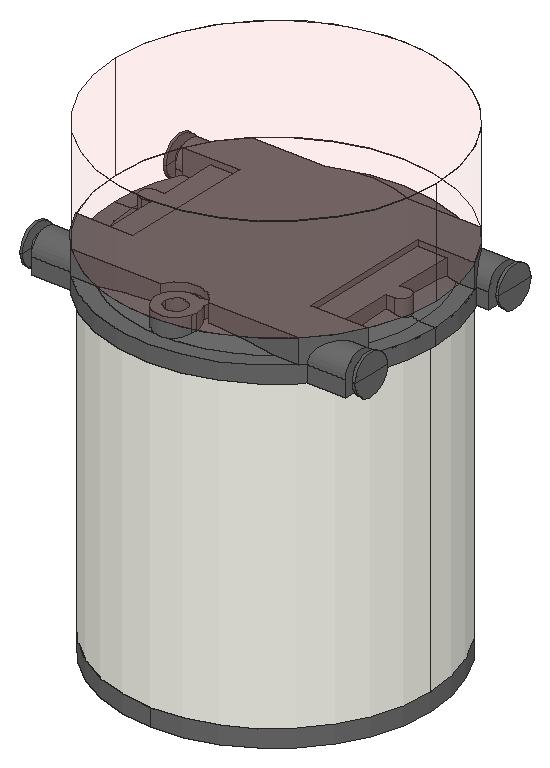
Revit family (continued)
Definition of nested family "Cooling_Plant_Accessories-Calmac-IceBank-Lid_C-75"
  Dimensions and locks (in)
    aligned and locked: Masking region 2 sketch curve to plane 42 "Connector Center(Elevation)"  (x2)
    aligned and locked: plane 12 "Back Inset" to Masking region 2 sketch curve
    aligned and locked: plane 41 "Top" to Masking region 2 sketch curve
    aligned and locked: Masking region 2 sketch curve to plane 2 "Bottom"
    aligned and locked: plane 18 "Piping Front" to Masking region 2 sketch curve
    aligned and locked: Masking region 2 sketch curve to plane 43 "Connector Channel Top"
    aligned and locked: plane 22 "Front Inset" to Masking region 2 sketch curve
    aligned and locked: plane 14 "Front" to Masking region 2 sketch curve
    aligned and locked: curve 125 to cut or joined group of Revolve 1, Extrusion 2, Extrusion 4
    aligned and locked: curve 126 to cut or joined group of Revolve 1, Extrusion 2, Extrusion 4
    aligned and locked: curve 127 to cut or joined group of Revolve 1, Extrusion 2, Extrusion 4
    aligned and locked: curve 128 to cut or joined group of Revolve 1, Extrusion 2, Extrusion 4
    aligned and locked: curve 129 to cut or joined group of Revolve 1, Extrusion 2, Extrusion 4
    aligned and locked: curve 130 to Extrusion 5
    aligned and locked: curve 131 to Extrusion 5
    aligned and locked: curve 132 to Extrusion 5
    aligned and locked: curve 133 to Extrusion 5
    aligned and locked: curve 134 to Extrusion 5
    aligned and locked: curve 135 to Extrusion 5
    aligned and locked: curve 136 to Extrusion 5
    aligned and locked: curve 137 to Extrusion 5
    aligned and locked: curve 138 to cut or joined group of Revolve 1, Extrusion 2, Extrusion 4
    aligned and locked: curve 139 to cut or joined group of Revolve 1, Extrusion 2, Extrusion 4
    aligned and locked: curve 140 to curve 138
    aligned and locked: curve 141 to curve 139
    aligned and locked: curve 142 to curve 128
    aligned and locked: curve 143 to curve 127
    aligned and locked: curve 144 to cut or joined group of Revolve 1, Extrusion 2, Extrusion 4
    aligned and locked: curve 145 to cut or joined group of Revolve 1, Extrusion 2, Extrusion 4
    aligned and locked: curve 146 to cut or joined group of Revolve 1, Extrusion 2, Extrusion 4
    aligned and locked: curve 147 to cut or joined group of Revolve 1, Extrusion 2, Extrusion 4
    aligned and locked: curve 148 to cut or joined group of Revolve 1, Extrusion 2, Extrusion 4
    aligned and locked: curve 149 to cut or joined group of Revolve 1, Extrusion 2, Extrusion 4
    aligned and locked: curve 150 to cut or joined group of Revolve 1, Extrusion 2, Extrusion 4
    aligned and locked: cut or joined group of Revolve 1, Extrusion 2, Extrusion 4 to curve 151
    aligned and locked: curve 152 to cut or joined group of Revolve 1, Extrusion 2, Extrusion 4
    aligned and locked: curve 153 to cut or joined group of Revolve 1, Extrusion 2, Extrusion 4
    aligned and locked: curve 154 to cut or joined group of Revolve 1, Extrusion 2, Extrusion 4
    aligned and locked: curve 155 to cut or joined group of Revolve 1, Extrusion 2, Extrusion 4
    aligned and locked: curve 156 to cut or joined group of Revolve 1, Extrusion 2, Extrusion 4
    aligned and locked: curve 157 to cut or joined group of Revolve 1, Extrusion 2, Extrusion 4
    aligned and locked: curve 158 to cut or joined group of Revolve 1, Extrusion 2, Extrusion 4
    aligned and locked: cut or joined group of Revolve 1, Extrusion 2, Extrusion 4 to curve 159
    aligned and locked: curve 160 to cut or joined group of Revolve 1, Extrusion 2, Extrusion 4
    aligned and locked: curve 161 to cut or joined group of Revolve 1, Extrusion 2, Extrusion 4
    aligned and locked: curve 162 to cut or joined group of Revolve 1, Extrusion 2, Extrusion 4
    aligned and locked: cut or joined group of Revolve 1, Extrusion 2, Extrusion 4 to curve 163
    aligned and locked: curve 164 to cut or joined group of Revolve 1, Extrusion 2, Extrusion 4
    aligned and locked: cut or joined group of Revolve 1, Extrusion 2, Extrusion 4 to curve 165
    aligned and locked: curve 166 to cut or joined group of Revolve 1, Extrusion 2, Extrusion 4
    aligned and locked: cut or joined group of Revolve 1, Extrusion 2, Extrusion 4 to curve 167
    aligned and locked: curve 168 to cut or joined group of Revolve 1, Extrusion 2, Extrusion 4
    aligned and locked: curve 169 to cut or joined group of Revolve 1, Extrusion 2, Extrusion 4
    aligned and locked: curve 170 to cut or joined group of Revolve 1, Extrusion 2, Extrusion 4
    aligned and locked: curve 171 to cut or joined group of Revolve 1, Extrusion 2, Extrusion 4
    aligned and locked: curve 172 to cut or joined group of Revolve 1, Extrusion 2, Extrusion 4
    aligned and locked: curve 173 to cut or joined group of Revolve 1, Extrusion 2, Extrusion 4
    aligned and locked: curve 174 to cut or joined group of Revolve 1, Extrusion 2, Extrusion 4
    aligned and locked: curve 175 to cut or joined group of Revolve 1, Extrusion 2, Extrusion 4
    aligned and locked: cut or joined group of Revolve 1, Extrusion 2, Extrusion 4 to curve 176
    aligned and locked: cut or joined group of Revolve 1, Extrusion 2, Extrusion 4 to curve 177
    aligned and locked: cut or joined group of Revolve 1, Extrusion 2, Extrusion 4 to curve 178
    aligned and locked: cut or joined group of Revolve 1, Extrusion 2, Extrusion 4 to curve 179
    aligned and locked: cut or joined group of Revolve 1, Extrusion 2, Extrusion 4 to curve 180
    aligned and locked: cut or joined group of Revolve 1, Extrusion 2, Extrusion 4 to curve 181
    aligned and locked: cut or joined group of Revolve 1, Extrusion 2, Extrusion 4 to curve 182
    aligned and locked: cut or joined group of Revolve 1, Extrusion 2, Extrusion 4 to curve 183
    aligned and locked: Masking region 3 sketch curve to curve 140  (x2)
    aligned and locked: Masking region 3 sketch curve to curve 141
    aligned and locked: nested 1 to plane 6 "Back Connector Center"
    aligned: nested 1 to plane 45 "Connection Sleeve Right"
    aligned and locked: plane 16 "Fron Connector Center" to nested 2
    aligned: nested 2 to plane 45 "Connection Sleeve Right"
    aligned: nested 3 to plane 44 "Connection Sleeve Left"
    aligned and locked: nested 3 to plane 16 "Fron Connector Center"
    aligned: nested 4 to plane 44 "Connection Sleeve Left"
    aligned and locked: plane 6 "Back Connector Center" to nested 4
    aligned: plane 42 "Connector Center(Elevation)" to nested 4
    aligned: plane 42 "Connector Center(Elevation)" to nested 3
    aligned: plane 42 "Connector Center(Elevation)" to nested 1
    aligned: plane 42 "Connector Center(Elevation)" to nested 2
    aligned and locked: plane 34 "Right" to curve 184
    aligned and locked: plane 26 "Left" to curve 184
    aligned and locked: plane 1 "Center (Front/Back)" to curve 184
    aligned and locked: curve 163 to plane 41 "Top"
    aligned and locked: plane 4 "Back" to curve 185
    aligned and locked: plane 14 "Front" to curve 185
    aligned and locked: plane 3 "Center (Left/Right)" to curve 185
    aligned and locked: plane 41 "Top" to curve 183
    aligned and locked: plane 41 "Top" to curve 186
    aligned and locked: curve 186 to plane 3 "Center (Left/Right)"
    aligned and locked: plane 2 "Bottom" to curve 186
    aligned and locked: plane 1 "Center (Front/Back)" to curve 186
    aligned and locked: Masking region 3 sketch curve to plane 5 "Back Connector Back"
    aligned and locked: plane 45 "Connection Sleeve Right" to Masking region 3 sketch curve
    aligned and locked: Masking region 3 sketch curve to plane 45 "Connection Sleeve Right"
    aligned and locked: Extrusion 3 to Masking region 3 sketch curve
    aligned and locked: Masking region 3 sketch curve to plane 15 "Front Connection Front"  (x2)
    aligned and locked: plane 44 "Connection Sleeve Left" to Masking region 3 sketch curve
    aligned and locked: Masking region 3 sketch curve to plane 44 "Connection Sleeve Left"
    aligned and locked: plane 5 "Back Connector Back" to Masking region 3 sketch curve
    aligned: plane 3 "Center (Left/Right)" to nested 5
    aligned and locked: plane 1 "Center (Front/Back)" to nested 5
    aligned: plane 58 "T.O. Clearance Box" to nested 5  (x2)
    aligned: plane 41 "Top" to nested 5
    aligned and locked: nested 2 to plane 59 "Right Connector Face"
    aligned and locked: nested 1 to plane 59 "Right Connector Face"
    aligned and locked: nested 3 to plane 60 "Left Connector Face"
    aligned and locked: nested 4 to plane 60 "Left Connector Face"
    aligned and locked: plane 62 "Sleeve Right" to Extrusion 3
    aligned and locked: plane 61 "Sleeve Left" to Extrusion 3
    aligned and locked: Masking region 3 sketch curve to plane 61 "Sleeve Left"
    aligned and locked: plane 7 "Back Connector Front" to Masking region 3 sketch curve
    aligned and locked: Masking region 3 sketch curve to plane 17 "Front Connector Back"  (x2)
    aligned and locked: plane 61 "Sleeve Left" to Masking region 3 sketch curve
    aligned and locked: plane 62 "Sleeve Right" to Masking region 3 sketch curve
    aligned and locked: Masking region 3 sketch curve to plane 62 "Sleeve Right"
    aligned and locked: Masking region 3 sketch curve to plane 7 "Back Connector Front"
    aligned and locked: plane 42 "Connector Center(Elevation)" to curve 103
    aligned and locked: plane 54 "Right Tunnel Ref" to curve 104
    aligned and locked: curve 105 to plane 55 "Left Tunnel Ref"
    aligned and locked: plane 45 "Connection Sleeve Right" to curve 114
    aligned and locked: plane 41 "Top" to curve 176
    aligned and locked: plane 42 "Connector Center(Elevation)" to curve 176
    aligned and locked: plane 42 "Connector Center(Elevation)" to curve 158
    aligned and locked: plane 41 "Top" to curve 182
    aligned and locked: plane 42 "Connector Center(Elevation)" to curve 177
    aligned and locked: plane 41 "Top" to curve 177
    aligned and locked: plane 41 "Top" to curve 178
    aligned and locked: plane 42 "Connector Center(Elevation)" to curve 178
    aligned and locked: plane 42 "Connector Center(Elevation)" to curve 144
    aligned and locked: plane 41 "Top" to curve 180
    aligned and locked: plane 41 "Top" to curve 179
    aligned and locked: plane 42 "Connector Center(Elevation)" to curve 179
    aligned and locked: plane 41 "Top" to curve 181
    aligned and locked: plane 42 "Connector Center(Elevation)" to curve 181
    aligned and locked: nested 5 to plane 41 "Top"
    aligned and locked: plane 58 "T.O. Clearance Box" to nested 5
    aligned and locked: plane 42 "Connector Center(Elevation)" to nested 1
    aligned and locked: plane 42 "Connector Center(Elevation)" to nested 2
    aligned and locked: plane 42 "Connector Center(Elevation)" to nested 4
    aligned and locked: plane 42 "Connector Center(Elevation)" to nested 3
  Automatic sketch dimensions
    Extrusion 4 sketch curve to plane 9 "Rigging Back" = 0' - 0"
    plane 40 "Top Right" to Extrusion 2 sketch curve = 0' - 4.0663"
    plane 3 "Center (Left/Right)" to Extrusion 2 sketch curve = 0' - 0.00163"
    plane 24 "Pad Eye Front Center" to Extrusion 2 sketch curve = 0' - 0.19621"
    plane 10 "Rigging Loop Back" to Extrusion 2 sketch curve = 0' - 1.54805"
    Extrusion 2 sketch curve to Extrusion 2 sketch curve = 0' - 0"  (x2)
    plane 36 "Right Rigging Loop Right" to Extrusion 2 sketch curve = 0' - 4.88399"
    plane 24 "Pad Eye Front Center" to Extrusion 5 sketch curve = 0' - 0.02333"
    plane 24 "Pad Eye Front Center" to Extrusion 5 sketch curve = 0' - 0.02277"
    Extrusion 5 sketch curve to Extrusion 5 sketch curve = 0' - 0.36824"
    Extrusion 5 sketch curve to Extrusion 5 sketch curve = 0' - 0.36835"
    Extrusion 5 sketch curve to Extrusion 5 sketch curve = 0' - 0"  (x2)
    Masking region 3 sketch curve to Masking region 3 sketch curve = 0' - 0"  (x2)
    Masking region 3 sketch curve to plane 44 "Connection Sleeve Left" = 0' - 0"
    Masking region 3 sketch curve to Masking region 3 sketch curve = 0' - 0.43383"
    curve 112 to plane 43 "Connector Channel Top" = 0' - 0"
    curve 120 to level = 0' - 0"
    curve 113 to level = 0' - 0"
    curve 117 to level = 0' - 0"
    curve 114 to level = 0' - 0"
    curve 104 to plane 41 "Top" = 0' - 0"
    curve 109 to plane 41 "Top" = 0' - 0"
    curve 108 to plane 41 "Top" = 0' - 0"
    curve 105 to plane 41 "Top" = 0' - 0"
    curve 109 to curve 112 = 0' - 0.56869"
    plane 3 "Center (Left/Right)" to curve 115 = 0' - 0"
    curve 112 to curve 108 = 0' - 0.57194"
    plane 36 "Right Rigging Loop Right" to curve 116 = 0' - 0.0067"
    plane 42 "Connector Center(Elevation)" to curve 116 = 0' - 0.04774"
    curve 111 to curve 108 = 0' - 0.56061"
    plane 41 "Top" to curve 115 = 0' - 8.77139"
    curve 50 to plane 47 "Bolt Inset Right" = 0' - 0"
    curve 49 to plane 3 "Center (Left/Right)" = 0' - 0"
    curve 125 to plane 8 "Piping Back" = 0' - 0"
    plane 19 "Rigging Front" to curve 129 = 0' - 0"
    plane 4 "Back" to curve 50 = 0' - 0"
    plane 49 "Bolt Inset Center" to curve 49 = 0' - 0"
    plane 34 "Right" to curve 68 = 0' - 0.05975"
    plane 34 "Right" to curve 71 = 0' - 0.05975"
    plane 33 "Right Connection" to curve 69 = 0' - 0.05346"
    plane 33 "Right Connection" to curve 67 = 0' - 0.05346"
    plane 52 "Right Side Chanel" to curve 71 = 0' - 0.58177"
    plane 52 "Right Side Chanel" to curve 66 = 0' - 0.58177"
    plane 52 "Right Side Chanel" to curve 66 = 0' - 0.71351"
    plane 52 "Right Side Chanel" to curve 70 = 0' - 0.71351"
    plane 52 "Right Side Chanel" to curve 74 = 0' - 0.72576"
    plane 52 "Right Side Chanel" to curve 99 = 0' - 0.72576"
    plane 52 "Right Side Chanel" to curve 69 = 0' - 0.84524"
    plane 52 "Right Side Chanel" to curve 67 = 0' - 0.84524"
    curve 72 to plane 57 "Right Tunnel Ref Center" = 0' - 0.39515"
    curve 62 to plane 57 "Right Tunnel Ref Center" = 0' - 0.35589"
    plane 35 "Lid Inset Right" to curve 99 = 0' - 0.20973"
    plane 35 "Lid Inset Right" to curve 74 = 0' - 0.20973"
    curve 99 to curve 60 = 0' - 0.00797"
    plane 35 "Lid Inset Right" to curve 60 = 0' - 0.4131"
    plane 35 "Lid Inset Right" to curve 73 = 0' - 0.58321"
    curve 60 to curve 61 = 0' - 0.19232"
    plane 35 "Lid Inset Right" to curve 73 = 0' - 0.95668"
    curve 61 to plane 51 "Top Right Inset" = 0' - 0.97408"
    plane 21 "Top Front Edge" to curve 97 = 0' - 0.02024"
    plane 46 "Right Center" to curve 97 = 0' - 0.08642"
    plane 46 "Right Center" to curve 65 = 0' - 0.10857"
    plane 8 "Piping Back" to curve 64 = 0' - 0.58462"
    plane 46 "Right Center" to curve 64 = 0' - 1.33334"
    plane 18 "Piping Front" to curve 97 = 0' - 0.54429"
    plane 46 "Right Center" to curve 97 = 0' - 1.33764"
    plane 46 "Right Center" to curve 63 = 0' - 1.63906"
    curve 98 to plane 24 "Pad Eye Front Center" = 0' - 0.7003"
    plane 46 "Right Center" to curve 98 = 0' - 1.64225"
    curve 96 to plane 23 "Pad Eye Hole" = 0' - 0.03387"
    curve 96 to curve 96 = 0' - 0.77791"
    curve 64 to curve 64 = 0' - 0.79088"
    plane 21 "Top Front Edge" to curve 98 = 0' - 0 5/16"
    curve 64 to plane 39 "Right Rigging Left" = 0' - 0.70964"
    curve 93 to plane 22 "Front Inset" = 0' - 1.49486"
    curve 93 to plane 40 "Top Right" = 0' - 3.68687"
    plane 49 "Bolt Inset Center" to curve 53 = 0' - 0.44475"
    curve 53 to plane 40 "Top Right" = 0' - 3.66499"
    plane 22 "Front Inset" to curve 93 = 0' - 0.38295"
    curve 93 to curve 93 = 0' - 0.66239"
    plane 12 "Back Inset" to curve 53 = 0' - 0.51617"
    curve 53 to curve 53 = 0' - 0.66892"
    plane 22 "Front Inset" to curve 94 = 0' - 0.0503"
    curve 93 to curve 94 = 0' - 0.94305"
    plane 12 "Back Inset" to curve 52 = 0' - 0.18178"
    curve 53 to curve 52 = 0' - 0.94262"
    curve 95 to plane 40 "Top Right" = 0' - 1 205/256"
    curve 51 to plane 49 "Bolt Inset Center" = 0' - 0.21117"
    curve 51 to plane 40 "Top Right" = 0' - 1.7752"
    curve 94 to plane 22 "Front Inset" = 0' - 0.28236"
    curve 51 to plane 12 "Back Inset" = 0' - 0.1526"
    curve 165 to curve 132 = 0' - 1.92013"
    curve 126 to plane 18 "Piping Front" = 0' - 0.51914"  (x2)
    curve 164 to curve 163 = 0' - 0.30497"
    curve 173 to curve 125 = 0' - 1.35639"
    curve 55 to plane 12 "Back Inset" = 0' - 0.20247"
    curve 55 to plane 32 "Top Left" = 0' - 1.1267"
    curve 88 to plane 22 "Front Inset" = 0' - 0.28236"
    curve 88 to plane 32 "Top Left" = 0' - 1.13838"
    curve 56 to plane 49 "Bolt Inset Center" = 0' - 0.27827"
    curve 56 to plane 32 "Top Left" = 0' - 1.78316"
    curve 89 to plane 32 "Top Left" = 0' - 1.81788"
    plane 12 "Back Inset" to curve 55 = 0' - 0.12568"
    curve 55 to curve 55 = 0' - 0.9448"
    plane 22 "Front Inset" to curve 88 = 0' - 0.0503"
    curve 88 to curve 88 = 0' - 0.94305"
    plane 12 "Back Inset" to curve 54 = 0' - 0.45384"
    plane 22 "Front Inset" to curve 87 = 0' - 0.38295"
    plane 49 "Bolt Inset Center" to curve 54 = 0' - 0.39092"
    curve 54 to curve 54 = 0' - 0.65198"
    curve 87 to plane 22 "Front Inset" = 0' - 1.54109"
    curve 89 to curve 87 = 0' - 1.8853"
    curve 59 to plane 31 "Left Rigging Right" = 0' - 0.73306"
    plane 21 "Top Front Edge" to curve 85 = 0' - 0 5/16"
    curve 85 to plane 31 "Left Rigging Right" = 0' - 0.73601"
    curve 85 to plane 23 "Pad Eye Hole" = 0' - 0.03387"
    curve 85 to curve 85 = 0' - 0.77791"
    curve 58 to curve 58 = 0' - 0.80477"  (x2)
    curve 59 to plane 31 "Left Rigging Right" = 0' - 1.92107"
    curve 86 to plane 24 "Pad Eye Front Center" = 0' - 0.7403"
    curve 86 to plane 31 "Left Rigging Right" = 0' - 2 5/256"
    plane 18 "Piping Front" to curve 85 = 0' - 0.54429"
    plane 8 "Piping Back" to curve 58 = 0' - 0.67433"
    curve 58 to curve 57 = 0' - 1.17992"
    curve 84 to plane 21 "Top Front Edge" = 0' - 0.0179"
    curve 86 to curve 84 = 0' - 1.55432"
    plane 27 "Left Lip Inset" to curve 76 = 0' - 0.96143"
    curve 101 to plane 19 "Rigging Front" = 0' - 0.45769"
    plane 27 "Left Lip Inset" to curve 101 = 0' - 0.96143"
    curve 100 to curve 161 = 0' - 0.21853"
    plane 27 "Left Lip Inset" to curve 101 = 0' - 0.58796"
    plane 27 "Left Lip Inset" to curve 76 = 0' - 0.58796"
    plane 27 "Left Lip Inset" to curve 102 = 0' - 0.21448"
    plane 27 "Left Lip Inset" to curve 76 = 0' - 0.21448"
    curve 75 to plane 56 "Left Tunnel Ref Center" = 0' - 0.3904"
    curve 100 to plane 19 "Rigging Front" = 0' - 0.01575"
    curve 100 to plane 56 "Left Tunnel Ref Center" = 0' - 0.3904"
    plane 53 "Left Side Channel" to curve 83 = 0' - 0.84999"
    plane 53 "Left Side Channel" to curve 79 = 0' - 0.84999"
    plane 53 "Left Side Channel" to curve 77 = 0' - 0.73051"
    plane 53 "Left Side Channel" to curve 102 = 0' - 0.73051"
    plane 53 "Left Side Channel" to curve 79 = 0' - 0.71826"
    plane 53 "Left Side Channel" to curve 82 = 0' - 0.71826"
    plane 53 "Left Side Channel" to curve 80 = 0' - 0.58652"
    plane 53 "Left Side Channel" to curve 82 = 0' - 0.58652"
    plane 25 "Left Connection" to curve 78 = 0' - 0.05821"
    plane 25 "Left Connection" to curve 83 = 0' - 0.05821"
    plane 26 "Left" to curve 80 = 0' - 0.0645"
    plane 26 "Left" to curve 81 = 0' - 0.0645"
    plane 4 "Back" to curve 48 = 0' - 0.01364"
    curve 59 to curve 57 = 0' - 2.79764"
    curve 63 to curve 64 = 0' - 2.87284"
    curve 57 to curve 58 = 0' - 1.59891"
    curve 65 to curve 65 = 0' - 1.58211"
    plane 8 "Piping Back" to curve 58 = 0' - 1.86209"
    plane 8 "Piping Back" to curve 64 = 0' - 1.80912"
    curve 72 to plane 9 "Rigging Back" = 0' - 0.53489"
    curve 75 to plane 9 "Rigging Back" = 0' - 0.53489"
    curve 72 to plane 9 "Rigging Back" = 0' - 1.27856"
    curve 75 to plane 9 "Rigging Back" = 0' - 1.27856"
    curve 72 to curve 73 = 0' - 0.92764"
    curve 75 to curve 76 = 0' - 0.92764"
    curve 77 to curve 76 = 0' - 0.74367"
    curve 74 to curve 73 = 0' - 0.74367"
    plane 10 "Rigging Loop Back" to curve 69 = 0' - 3.7979"
    plane 10 "Rigging Loop Back" to curve 78 = 0' - 3.7979"
    curve 69 to curve 69 = 0' - 0.26232"
    curve 78 to curve 79 = 0' - 0.26232"
    curve 69 to curve 70 = 0' - 0.99128"
    curve 78 to curve 79 = 0' - 0.99128"
    plane 10 "Rigging Loop Back" to curve 71 = 0' - 1.81533"
    plane 10 "Rigging Loop Back" to curve 80 = 0' - 1.81533"
    plane 20 "Rigging Loop Front" to curve 68 = 0' - 1.55302"
    plane 20 "Rigging Loop Front" to curve 82 = 0' - 1.55302"
    plane 20 "Rigging Loop Front" to curve 81 = 0' - 1.81533"
    plane 20 "Rigging Loop Front" to curve 68 = 0' - 1.81533"
    curve 66 to curve 66 = 0' - 0.99128"
    curve 81 to curve 82 = 0' - 0.99128"
    curve 66 to curve 67 = 0' - 0.26232"
    curve 83 to curve 83 = 0' - 0.26232"
    curve 99 to plane 19 "Rigging Front" = 0' - 3.13384"
    curve 99 to curve 61 = 0' - 0.01104"
    curve 60 to curve 60 = 0' - 0.69763"
    curve 99 to curve 99 = 0' - 0.74367"
    curve 102 to curve 100 = 0' - 1.85528"
    curve 60 to curve 61 = 0' - 0.22433"
    curve 102 to plane 19 "Rigging Front" = 0' - 1.87103"
    curve 62 to plane 19 "Rigging Front" = 0' - 0.50327"
    plane 14 "Front" to curve 92 = 0' - 1.8675"
    plane 14 "Front" to curve 95 = 0' - 1.65483"
    plane 14 "Front" to curve 89 = 0' - 1.60633"
    curve 90 to plane 14 "Front" = 0' - 0.12249"
    curve 92 to plane 14 "Front" = 0' - 0.12494"
    curve 183 to plane 18 "Piping Front" = 0' - 0"
    curve 182 to plane 42 "Connector Center(Elevation)" = 0' - 0"
    curve 183 to plane 42 "Connector Center(Elevation)" = 0' - 0"
    curve 182 to plane 12 "Back Inset" = 0' - 6.98603"
    curve 177 to plane 18 "Piping Front" = 0' - 0"
    curve 176 to plane 8 "Piping Back" = 0' - 0"
    curve 180 to plane 9 "Rigging Back" = 0' - 0"
    curve 180 to plane 42 "Connector Center(Elevation)" = 0' - 0"
    plane 16 "Fron Connector Center" to curve 181 = 0' - 5 1/4"
    curve 179 to plane 19 "Rigging Front" = 0' - 0"
    curve 178 to plane 9 "Rigging Back" = 0' - 0"
    curve 20 to curve 26 = 0' - 0"  (x2)
    curve 20 to curve 30 = 0' - 0"  (x2)
    curve 20 to curve 33 = 0' - 0"  (x2)
    curve 20 to curve 34 = 0' - 0"  (x2)
    curve 20 to curve 44 = 0' - 0"  (x2)
    curve 20 to curve 45 = 0' - 0"  (x2)
    curve 20 to curve 46 = 0' - 0"  (x2)
    curve 20 to curve 47 = 0' - 0"  (x2)
    curve 20 to curve 140 = 0' - 0"  (x2)
    curve 20 to curve 142 = 0' - 0"  (x2)
    curve 20 to curve 143 = 0' - 0"
    curve 20 to curve 146 = 0' - 0"  (x2)
    curve 20 to curve 150 = 0' - 0"  (x2)
    curve 20 to curve 154 = 0' - 0"  (x2)
    curve 20 to curve 158 = 0' - 0"  (x2)
    curve 26 to plane 57 "Right Tunnel Ref Center" = 0' - 0"
    curve 29 to plane 57 "Right Tunnel Ref Center" = 0' - 0"
    curve 153 to plane 45 "Connection Sleeve Right" = 0' - 0"
    plane 1 "Center (Front/Back)" to curve 37 = 0' - 0"
    plane 20 "Rigging Loop Front" to curve 37 = 0' - 0"
    curve 155 to plane 8 "Piping Back" = 0' - 0"
    curve 155 to plane 38 "Right Rigging Loop Left" = 0' - 0"
    curve 36 to plane 38 "Right Rigging Loop Left" = 0' - 0"
    curve 32 to plane 38 "Right Rigging Loop Left" = 0' - 0"
    plane 18 "Piping Front" to curve 149 = 0' - 0"
    plane 18 "Piping Front" to curve 150 = 0' - 0"
    curve 154 to plane 8 "Piping Back" = 0' - 0"
    curve 151 to plane 39 "Right Rigging Left" = 0' - 0"
    curve 156 to plane 40 "Top Right" = 0' - 0"
    curve 156 to plane 3 "Center (Left/Right)" = 0' - 0"
    plane 18 "Piping Front" to curve 148 = 0' - 0"
    curve 19 to plane 8 "Piping Back" = 0' - 0"
    curve 22 to plane 31 "Left Rigging Right" = 0' - 0"
    curve 19 to plane 55 "Left Tunnel Ref" = 0' - 0"
    curve 158 to plane 8 "Piping Back" = 0' - 0"
    curve 147 to plane 55 "Left Tunnel Ref" = 0' - 0"
    curve 39 to plane 10 "Rigging Loop Back" = 0' - 0"
    curve 39 to plane 30 "Left Rigging Loop Right" = 0' - 0"
    curve 43 to plane 30 "Left Rigging Loop Right" = 0' - 0"
    plane 1 "Center (Front/Back)" to curve 41 = 0' - 0"
    plane 35 "Lid Inset Right" to curve 143 = 0' - 0.00039"
    curve 47 to plane 37 "Right Rigging Loop Inset" = 0' - 1.48966"
    curve 37 to plane 37 "Right Rigging Loop Inset" = 0' - 1.25367"
    plane 38 "Right Rigging Loop Left" to curve 149 = 0' - 0.01509"
    curve 34 to plane 39 "Right Rigging Left" = 0' - 1.24396"
    plane 40 "Top Right" to curve 148 = 0' - 4.0663"
    plane 3 "Center (Left/Right)" to curve 148 = 0' - 0.00163"
    curve 44 to plane 31 "Left Rigging Right" = 0' - 1.24396"
    plane 55 "Left Tunnel Ref" to curve 157 = 0' - 0.41423"
    curve 41 to plane 29 "Left Rigging Loop Inset" = 0' - 1.24992"
    curve 46 to plane 29 "Left Rigging Loop Inset" = 0' - 1.49441"
    plane 27 "Left Lip Inset" to curve 159 = 0' - 0.17459"
    plane 27 "Left Lip Inset" to curve 142 = 0' - 0.00039"
    plane 10 "Rigging Loop Back" to curve 156 = 0' - 1.54805"
    curve 142 to plane 1 "Center (Front/Back)" = 0' - 0.161"
    plane 24 "Pad Eye Front Center" to curve 148 = 0' - 0.19621"
    curve 6 to plane 20 "Rigging Loop Front" = 0' - 0"
    curve 5 to plane 12 "Back Inset" = 0' - 0"
    level to curve 16 = 0' - 0"
    level to curve 2 = 0' - 0"
    level to curve 15 = 0' - 0"
    level to curve 3 = 0' - 0"
    curve 7 to plane 41 "Top" = 0' - 0"
    curve 4 to plane 41 "Top" = 0' - 0"
    curve 12 to plane 41 "Top" = 0' - 0"
    curve 17 to plane 41 "Top" = 0' - 0"
    plane 22 "Front Inset" to curve 18 = 0' - 0.00227"
    curve 10 to curve 9 = 0' - 0.5091"
    curve 8 to curve 8 = 0' - 1.24396"
    curve 124 to plane 8 "Piping Back" = 0' - 0"
    curve 122 to plane 43 "Connector Channel Top" = 0' - 0"
    curve 123 to plane 1 "Center (Front/Back)" = 0' - 0.00127"
    plane 10 "Rigging Loop Back" to curve 123 = 0' - 0.00253"
    curve 124 to plane 8 "Piping Back" = 0' - 1.95677"
    curve 124 to plane 42 "Connector Center(Elevation)" = 0' - 1.1899"
    curve 124 to plane 42 "Connector Center(Elevation)" = 0' - 1.13321"
    curve 122 to plane 42 "Connector Center(Elevation)" = 0' - 0.88175"
    curve 123 to plane 41 "Top" = 0' - 0.04924"
  Nested families (in)
    nested 1: "Cooling_Plant_Accessories-Calmac-Icebank-4-Inch Flanged Connection" at (35.83203, 20.5, 3.75), Pipe Material <- "Pipe Material", visible <- "Is Back Right Flanged Connector Visible", type "Flanged Connection"
    nested 2: "Cooling_Plant_Accessories-Calmac-Icebank-4-Inch Flanged Connection" at (35.83203, -20.5, 3.75), Pipe Material <- "Pipe Material", visible <- "Is Front Right Flanged Connector Visible", type "Flanged Connection"
    nested 3: "Cooling_Plant_Accessories-Calmac-Icebank-4-Inch Flanged Connection" at (-35.83203, -20.5, 3.75) x (-1, 0, 0) z (0, 0, 1), Pipe Material <- "Pipe Material", visible <- "Is Front Left Flanged Connector Visible", type "Flanged Connection"
    nested 4: "Cooling_Plant_Accessories-Calmac-Icebank-4-Inch Flanged Connection" at (-35.83203, 20.5, 3.75) x (-1, 0, 0) z (0, 0, 1), Pipe Material <- "Pipe Material", visible <- "Is Back Left Flanged Connector Visible", type "Flanged Connection"
    nested 5: "Cooling_Plant_Accessories-Calmac-IceBankClearance Box" at (0.26977, 0, 15.25), CTRL Radius <- "CTRL Radius", visible <- "Is Clearance Box Visible", Height <- "Clearance Box Height", type "Include Clearance"
      with Width 6' - 1 3/8", Height 2' - 0", Depth 6' - 1 3/8", CTRL Radius 3' - 0 11/16"
  Definition of nested family "Cooling_Plant_Accessories-Calmac-Icebank-4-Inch Flanged Connection"
    Parameters (values of type "4"")
      Pipe Material [instance] = none
    Reference planes (in)
      plane 1 "Center (Front/Back)": y = 0
      plane 2 "Center (Elevation)": z = 0
      plane 3 "Center (Left/Right)": x = 0
      plane 4 "Back": y = 4.5
      plane 5 "Back Face": x = 1.79297
      plane 6 "Base Back": y = 2.25
      plane 7 "Fase Back": y = 3
      plane 8 "Front": y = -4.5
      plane 9 "Base Front": y = -2.25
      plane 10 "Face Front": y = -3
      plane 11 "Face": x = 2.41797
      plane 12 "T.O. Flange": z = 4.5
      plane 13 "T.O. Pipe": z = 2.25
      plane 14 "B.O. Flange": z = -4.5
      plane 15 "B.O. Pipe": z = -2.25
    Forms (in)
      Revolve 1, solid, material <- "Pipe Material", detail levels fine
        sketch origin (0, 0, 0) x (1, 0, 0) y (0, 1, 0)
          loop
            line (0, 2.25) -> (0, 0) -> (2.41797, 0) -> (2.41797, 4.5) -> (1.79297, 4.5) -> (1.79297, 2.25) -> (0, 2.25)
          axis (0, 0) -> (2.41797, 0)
        angle from 0 to 360
    Lines and regions (in)
      Masking region 1, detail levels fine
        outline origin (0, 0, 0) x (0, 1, 0) y (0, 0, 1)
          loop
            circle (0, 0) r 4.5
      Masking region 2, detail levels fine
        outline origin (0, 0, 0) x (1, 0, 0) y (0, 0, 1)
          loop
            line (2.41797, 4.5) -> (1.79297, 4.5) -> (1.79297, 2.25) -> (0, 2.25) -> (0, -2.25) -> (1.79297, -2.25) -> (1.79297, -4.5) -> (2.41797, -4.5) -> (2.41797, 4.5)
      Masking region 3, detail levels fine
        outline origin (0, 0, 0) x (1, 0, 0) y (0, 1, 0)
          loop
            line (0, 2.25) -> (0, -2.25) -> (1.79297, -2.25) -> (1.79297, -4.5) -> (2.41797, -4.5) -> (2.41797, 4.5) -> (1.79297, 4.5) -> (1.79297, 2.25) -> (0, 2.25)
      model lines, style "Piping", detail levels medium
        curve 1: line (0, 0, 0) -> (2.41797, 0, 0)
        curve 2: arc (2.41797, -4.5, 0) -> (2.41797, 0, 4.5) -> (2.41797, 4.5, 0) r 4.5
        curve 3: arc (2.41797, 4.5, 0) -> (2.41797, 0, -4.5) -> (2.41797, -4.5, 0) r 4.5
      symbolic lines, detail levels coarse+medium
        curve 4: line (0, 0, 0) -> (2.41797, 0, 0)
        curve 5: line (0, 0, 0) -> (2.41797, 0, 0)
    Dimensions and locks (in)
      locked: plane 4 "Back" to plane 7 "Fase Back" at 1.5
      locked: plane 4 "Back" to plane 6 "Base Back" at 2.25
      locked: plane 8 "Front" to plane 10 "Face Front" at 1.5
      locked: plane 8 "Front" to plane 9 "Base Front" at 2.25
      locked: plane 1 "Center (Front/Back)" to plane 6 "Base Back" at 2.25
      locked: plane 9 "Base Front" to plane 1 "Center (Front/Back)" at 2.25
      locked: plane 3 "Center (Left/Right)" to plane 11 "Face" at 2.41797
      locked: plane 5 "Back Face" to plane 11 "Face" at 0.625
      locked: plane 2 "Center (Elevation)" to plane 14 "B.O. Flange" at 4.5
      locked: plane 2 "Center (Elevation)" to plane 15 "B.O. Pipe" at 2.25
      locked: plane 12 "T.O. Flange" to plane 2 "Center (Elevation)" at 4.5
      locked: plane 12 "T.O. Flange" to plane 13 "T.O. Pipe" at 2.25
      aligned and locked: Revolve 1 sketch curve to plane 3 "Center (Left/Right)"
      aligned and locked: Revolve 1 sketch curve to plane 5 "Back Face"
      aligned and locked: Revolve 1 sketch curve to plane 11 "Face"
      aligned and locked: Revolve 1 sketch curve to plane 1 "Center (Front/Back)"
      aligned and locked: Revolve 1 sketch curve to plane 4 "Back"
      aligned and locked: Revolve 1 sketch curve to plane 6 "Base Back"
      aligned and locked: plane 1 "Center (Front/Back)" to Revolve 1 sketch curve  (x2)
      aligned and locked: plane 3 "Center (Left/Right)" to Revolve 1 sketch curve
      aligned and locked: Masking region 1 sketch curve to Revolve 1  (x2)
      aligned and locked: Masking region 2 sketch curve to Revolve 1  (x3)
      aligned and locked: Masking region 2 sketch curve to plane 5 "Back Face"
      aligned and locked: Masking region 2 sketch curve to plane 3 "Center (Left/Right)"
      aligned and locked: Masking region 3 sketch curve to plane 3 "Center (Left/Right)"
      aligned and locked: Masking region 3 sketch curve to plane 4 "Back"
      aligned and locked: Masking region 3 sketch curve to plane 6 "Base Back"
      aligned and locked: plane 9 "Base Front" to Masking region 3 sketch curve
      aligned and locked: plane 8 "Front" to Masking region 3 sketch curve
      aligned and locked: Masking region 3 sketch curve to plane 11 "Face"
      aligned and locked: Masking region 3 sketch curve to plane 5 "Back Face"  (x2)
      aligned and locked: plane 1 "Center (Front/Back)" to curve 1
      aligned and locked: plane 3 "Center (Left/Right)" to curve 1
      aligned and locked: curve 2 to Revolve 1
      aligned and locked: curve 3 to Revolve 1
      aligned and locked: plane 11 "Face" to curve 1
      aligned and locked: plane 11 "Face" to curve 4
      aligned and locked: plane 3 "Center (Left/Right)" to curve 4
      aligned and locked: plane 1 "Center (Front/Back)" to curve 4
      aligned and locked: plane 11 "Face" to curve 5
      aligned and locked: plane 3 "Center (Left/Right)" to curve 5
      aligned and locked: curve 5 to plane 2 "Center (Elevation)"
      aligned and locked: Masking region 2 to plane 12 "T.O. Flange"
      aligned and locked: plane 13 "T.O. Pipe" to Masking region 2
      aligned and locked: plane 2 "Center (Elevation)" to curve 1
      aligned and locked: plane 15 "B.O. Pipe" to Masking region 2
      aligned and locked: Masking region 2 to plane 14 "B.O. Flange"
  Definition of nested family "Cooling_Plant_Accessories-Calmac-IceBankClearance Box"
    Parameters (values of type "Include Clearance")
      Width [instance] = CTRL Radius * 2  # 7' - 5"
      Height [instance] = 3' - 0"
      Depth [instance] = Width  # 7' - 5"
      Clearance Material = Clearance
      CTRL Radius [instance] = 3' - 8 1/2"
      Assembly Code = ""
    Reference planes (in)
      plane 1 "Center (Front/Back)": y = 0
      plane 2 "Bottom": z = -6
      plane 3 "Center (Left/Right)": x = 0
      plane 4 "Top": z = 30
      plane 5 "Back": y = 44.5
      plane 6 "Left": x = -44.5
      plane 7 "Front": y = -44.5
      plane 8 "Right": x = 44.5
      plane 9 "Center (Elevation)": z = 12
    Forms (in)
      Extrusion 1, solid, material "Clearance" <- "Clearance Material"
        sketch origin (0, 0, 30) x (-1, 0, 0) y (0, -1, 0)
          loop
            circle (0, 0) r 44.5
        from -36 to 0
    Lines and regions (in)
      symbolic lines, style "Clearance"
        curve 1: line (-44.5, 0, 30) -> (44.5, 0, 30)
        curve 2: line (-44.5, 0, -6) -> (-44.5, 0, 30)
        curve 3: line (44.5, 0, -6) -> (-44.5, 0, -6)
        curve 4: line (44.5, 0, 30) -> (44.5, 0, -6)
        curve 5: line (0, -44.5, 30) -> (0, 44.5, 30)
        curve 6: line (0, -44.5, -6) -> (0, -44.5, 30)
        curve 7: line (0, 44.5, -6) -> (0, -44.5, -6)
        curve 8: line (0, 44.5, 30) -> (0, 44.5, -6)
        curve 9: circle (0, 0, 30) r 44.5 normal (0, 0, 1)
    Dimensions and locks (in)
      "Height": plane 4 "Top" to plane 2 "Bottom"
      "Depth": plane 5 "Back" to plane 7 "Front"
      "Width": plane 6 "Left" to plane 8 "Right"
      equal spacing: plane 6 "Left", plane 3 "Center (Left/Right)", plane 8 "Right"
      equal spacing: plane 5 "Back", plane 1 "Center (Front/Back)", plane 7 "Front"
      equal spacing: plane 4 "Top", plane 9 "Center (Elevation)", plane 2 "Bottom"
      "CTRL Radius": radius of Extrusion 1 sketch curve
      "CTRL Radius": radius of curve 9
      aligned: level to plane 2 "Bottom"
      aligned and locked: plane 3 "Center (Left/Right)" to Extrusion 1 sketch curve
      aligned and locked: plane 1 "Center (Front/Back)" to Extrusion 1 sketch curve
      aligned and locked: plane 3 "Center (Left/Right)" to curve 9
      aligned and locked: plane 1 "Center (Front/Back)" to curve 9
      aligned and locked: Extrusion 1 to plane 2 "Bottom"
      aligned and locked: plane 2 "Bottom" to curve 3
      aligned and locked: plane 2 "Bottom" to curve 7
      aligned and locked: plane 4 "Top" to Extrusion 1
      aligned and locked: curve 1 to plane 4 "Top"
      aligned and locked: curve 5 to plane 4 "Top"
      aligned and locked: curve 8 to plane 5 "Back"
      aligned and locked: curve 6 to plane 7 "Front"
      aligned and locked: curve 4 to plane 8 "Right"
      aligned and locked: curve 2 to plane 6 "Left"
